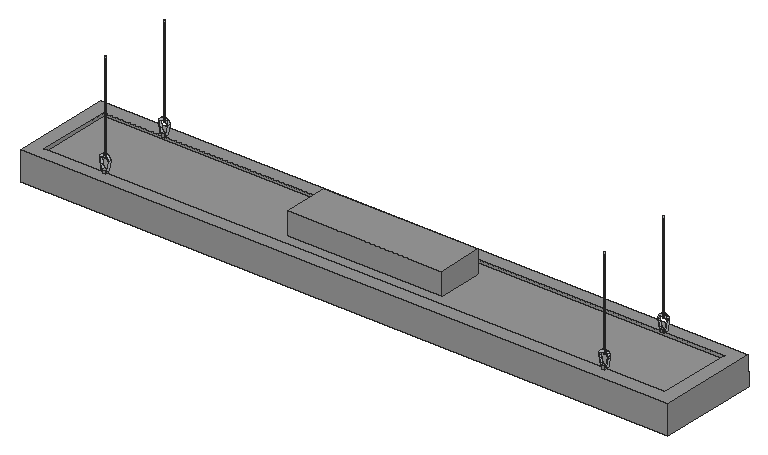
Revit family "HEFTY_4000K_12000LM_92W", category Lighting Fixtures, host Ceiling, Revit 2021
Family settings
  Host = Ceiling
  Round Connector Dimension = Use Diameter
  Part Type = Normal
  OmniClass Number = 23.80.70.11
  OmniClass Title = Luminaries for Internal Lighting
  Always vertical = Yes
  Cut with Voids When Loaded = No
  Light Source = Yes
  Shared = No
  Room Calculation Point = No
Parameters (values of type "Type 1")
  Wattage = 80.7853 W
  built-in parameter 1150110 = 1 (stored number, unit not read)
  Type de lampe = "LED Mid Power"
  Type = "Luminaire industriel"
  built-in parameter 1114217 = 1 (stored number, unit not read)
  Tilt Angle = 90.00°
  Tension = "AC 220-240V"
  built-in parameter 1150109 = 1 (stored number, unit not read)
  built-in parameter 1150134 = 12
  built-in parameter 1150113 = 1 (stored number, unit not read)
  SDCM = "<3"
  Puissance nominale = "92W"
  Poids = "6 kg"
  Photometric Web File = "google_eulumdat_converter (6).ies"
  Matériau = "Acier galvanisé blanc"
  Maintien du flux = "L80B10 (50 000 heures)"
  Lumens = 12000 lm
  built-in parameter 1150115 = 1 (stored number, unit not read)
  built-in parameter 1150105 = 954.93 (stored number, unit not read)
  built-in parameter 1150137 = (empty or 0)
  built-in parameter 1150139 = (empty or 0)
  built-in parameter 1150112 = 1 (stored number, unit not read)
  built-in parameter 1150114 = 1 (stored number, unit not read)
  built-in parameter 1150132 = 2
  built-in parameter 1150102 = (empty or 0)
  built-in parameter 1150138 = (empty or 0)
  built-in parameter 1150107 = 4000 (stored number, unit not read)
  built-in parameter 1150106 = 9.5493 (stored number, unit not read)
  IRC = ">80"
  Emit from Rectangle Width = 609.6 mm
  Emit from Rectangle Length = 1219.2 mm
  Emit Shape Visible in Rendering = no
  built-in parameter 1150104 = 13.8 (stored number, unit not read)
  Durée de vie = "50 000 heures"
  Driver = "Driver Osram"
  Dimming Lamp Color Temperature Shift = <None>
  Dimensions = "1220x190x90 mm"
  Diffuseur = "Polycarbonate Opale"
  Default Elevation = 0 mm
  Color Filter = 16777215
  built-in parameter 1114218 = 1 (stored number, unit not read)
  built-in parameter 1150133 = 10 (stored number, unit not read)
  Angle d'éclairage = "90°"
Reference planes
  plane 1 "Light Source Axis (F/B)": y = 0
  plane 2: z = 0
  plane 3 "Light Source Axis (L/R)": x = 0
  plane 4 "Ceiling": z = 4000
  plane 5 "Light Source Elevation": z = 3750
Forms (mm)
  Extrusion 1, solid, material "Steel, Galvanized"
    sketch origin (0, 0, 4000) x (0, 1, 0) y (-1, 0, 0)
      loop
        line (95, 610) -> (-95, 610) -> (-95, -610) -> (95, -610) -> (95, 610)
      loop
        line (70, 585) -> (-70, 585) -> (-70, -585) -> (70, -585) -> (70, 585)
    from -250 to -196.102
  Extrusion 2, solid, material "Steel, Galvanized"
    sketch origin (0, 0, 4000) x (0, 1, 0) y (-1, 0, 0)
      loop
        line (70, 585) -> (-70, 585) -> (-70, -585) -> (70, -585) -> (70, 585)
    from -201.474 to -207.22
  Extrusion 3, solid, material "Steel, Galvanized"
    sketch origin (0, 0, 4000) x (0, 1, 0) y (-1, 0, 0)
      loop
        line (43.191, 147.964) -> (-41.809, 147.964) -> (-41.809, -142.036) -> (43.191, -142.036) -> (43.191, 147.964)
    from -207.22 to -160
  Extrusion 4, solid, material "Steel, Galvanized"
    sketch origin (195.234, -0.407, 4000) x (0, -1, 0) y (1, 0, 0)
      loop
        line (71.862, 277.481) -> (66.862, 277.481) -> (66.862, 272.481) -> (71.862, 272.481) -> (71.862, 277.481)
    from -196.102 to -190.59
  Extrusion 5, solid
    sketch origin (195.234, -0.407, 0) x (-1, 0, 0) y (0, 0, -1)
      loop
        line (-273.652, -3806.915) -> (-276.521, -3806.915) -> (-281.412, -3807.954) -> (-284.54, -3827.708)
        arc (-284.54, -3827.708) -> (-274.506, -3835.045) -> (-266.484, -3825.549) r 9.115
        line (-266.484, -3825.549) -> (-270.251, -3807.826) -> (-273.652, -3806.915)
      loop
        line (-274.011, -3807.991) -> (-276.306, -3807.991) -> (-279.848, -3808.744) -> (-282.81, -3827.45)
        arc (-282.81, -3827.45) -> (-274.423, -3831.527) -> (-267.537, -3825.237) r 8.303
        line (-267.537, -3825.237) -> (-271.034, -3808.788) -> (-274.011, -3807.991)
    from 67.418 to 71.074
  Extrusion 6, solid, material "Glass, White, High Luminance"
    sketch origin (0, 0, 4000) x (0, 1, 0) y (-1, 0, 0)
      loop
        line (70, 585) -> (-70, 585) -> (-70, -585) -> (70, -585) -> (70, 585)
    from -250 to -245.079
  Extrusion 7, solid
    sketch origin (195.234, -0.407, 4000) x (0, -1, 0) y (1, 0, 0)
      loop
        circle (68.947, 275) r 1.348
    from -170.446 to 0
  Extrusion 8, solid, material "Steel, Galvanized"
    sketch origin (195.234, 0.407, 4000) x (0, -1, 0) y (1, 0, 0)
      loop
        line (-71.862, 277.481) -> (-71.862, 272.481) -> (-66.862, 272.481) -> (-66.862, 277.481) -> (-71.862, 277.481)
    from -196.102 to -190.59
  Extrusion 9, solid
    sketch origin (195.234, 0.407, 0) x (-1, 0, 0) y (0, 0, 1)
      loop
        line (-273.652, 3806.915) -> (-270.251, 3807.826) -> (-266.484, 3825.549)
        arc (-266.484, 3825.549) -> (-274.506, 3835.045) -> (-284.54, 3827.708) r 9.115
        line (-284.54, 3827.708) -> (-281.412, 3807.954) -> (-276.521, 3806.915) -> (-273.652, 3806.915)
      loop
        line (-274.011, 3807.991) -> (-271.034, 3808.788) -> (-267.537, 3825.237)
        arc (-267.537, 3825.237) -> (-274.423, 3831.527) -> (-282.81, 3827.45) r 8.303
        line (-282.81, 3827.45) -> (-279.848, 3808.744) -> (-276.306, 3807.991) -> (-274.011, 3807.991)
    from 67.418 to 71.074
  Extrusion 10, solid
    sketch origin (195.234, 0.407, 4000) x (0, -1, 0) y (1, 0, 0)
      loop
        circle (-68.947, 275) r 1.348
    from -170.446 to 0
  Extrusion 11, solid, material "Steel, Galvanized"
    sketch origin (-195.234, 0.407, 4000) x (0, 1, 0) y (-1, 0, 0)
      loop
        line (71.862, 277.481) -> (66.862, 277.481) -> (66.862, 272.481) -> (71.862, 272.481) -> (71.862, 277.481)
    from -196.102 to -190.59
  Extrusion 12, solid
    sketch origin (-195.234, 0.407, 0) x (1, 0, 0) y (0, 0, -1)
      loop
        line (-273.652, -3806.915) -> (-276.521, -3806.915) -> (-281.412, -3807.954) -> (-284.54, -3827.708)
        arc (-284.54, -3827.708) -> (-274.506, -3835.045) -> (-266.484, -3825.549) r 9.115
        line (-266.484, -3825.549) -> (-270.251, -3807.826) -> (-273.652, -3806.915)
      loop
        line (-274.011, -3807.991) -> (-276.306, -3807.991) -> (-279.848, -3808.744) -> (-282.81, -3827.45)
        arc (-282.81, -3827.45) -> (-274.423, -3831.527) -> (-267.537, -3825.237) r 8.303
        line (-267.537, -3825.237) -> (-271.034, -3808.788) -> (-274.011, -3807.991)
    from 67.418 to 71.074
  Extrusion 13, solid
    sketch origin (-195.234, 0.407, 4000) x (0, 1, 0) y (-1, 0, 0)
      loop
        circle (68.947, 275) r 1.348
    from -170.446 to 0
  Extrusion 14, solid, material "Steel, Galvanized"
    sketch origin (-195.234, -0.407, 4000) x (0, 1, 0) y (-1, 0, 0)
      loop
        line (-71.862, 277.481) -> (-71.862, 272.481) -> (-66.862, 272.481) -> (-66.862, 277.481) -> (-71.862, 277.481)
    from -196.102 to -190.59
  Extrusion 15, solid
    sketch origin (-195.234, -0.407, 0) x (1, 0, 0) y (0, 0, 1)
      loop
        line (-273.652, 3806.915) -> (-270.251, 3807.826) -> (-266.484, 3825.549)
        arc (-266.484, 3825.549) -> (-274.506, 3835.045) -> (-284.54, 3827.708) r 9.115
        line (-284.54, 3827.708) -> (-281.412, 3807.954) -> (-276.521, 3806.915) -> (-273.652, 3806.915)
      loop
        line (-274.011, 3807.991) -> (-271.034, 3808.788) -> (-267.537, 3825.237)
        arc (-267.537, 3825.237) -> (-274.423, 3831.527) -> (-282.81, 3827.45) r 8.303
        line (-282.81, 3827.45) -> (-279.848, 3808.744) -> (-276.306, 3807.991) -> (-274.011, 3807.991)
    from 67.418 to 71.074
  Extrusion 16, solid
    sketch origin (-195.234, -0.407, 4000) x (0, 1, 0) y (-1, 0, 0)
      loop
        circle (-68.947, 275) r 1.348
    from -170.446 to 0
Lines and regions (mm)
  reference lines
    curve 1: line (0, 0, 4000) -> (325, 0, 4000)
    curve 2: line (0, 0, 4000) -> (-325, 0, 4000)
    curve 3: line (-325, 0, 4000) -> (-325, 95, 4000)
    curve 4: line (-325, 95, 4000) -> (325, 95, 4000)
    curve 5: line (325, 95, 4000) -> (325, -95, 4000)
    curve 6: line (325, -95, 4000) -> (-325, -95, 4000)
    curve 7: line (-325, -95, 4000) -> (-325, 0, 4000)
    curve 8: line (0, 0, 4000) -> (225, 0, 4000)
    curve 9: line (225, 0, 4000) -> (225, -70, 4000)
    curve 10: line (225, -70, 4000) -> (-275, -70, 4000)
    curve 11: line (-275, 70, 4000) -> (225, 70, 4000)
    curve 12: line (-325, 0, 4000) -> (-300, 0, 4000)
    curve 13: line (-300, 0, 4000) -> (-300, 5, 4000)
    curve 14: line (325, 0, 4000) -> (300, 0, 4000)
    curve 15: line (0, 0, 3750) -> (0, 0, 3840)
    curve 16: line (0, 0, 4000) -> (610, 0, 4000)
    curve 17: line (610, 0, 4000) -> (610, 25, 4000)
    curve 18: line (0, 0, 4000) -> (-610, 0, 4000)
    curve 19: line (0, -70, 4000) -> (470, -70, 4000)
    curve 20: line (470, -70, 4000) -> (470, -55, 4000)
Dimensions and locks
  equal spacing: host sketch curve, plane 3 "Light Source Axis (L/R)", host sketch curve
  equal spacing: host sketch curve, plane 1 "Light Source Axis (F/B)", host sketch curve
  host sketch curve to host sketch curve = 4000 mm  (x2)
  plane 4 "Ceiling" to host ceiling = 0 mm
  aligned and locked: plane 3 "Light Source Axis (L/R)" to imposter light
  aligned and locked: plane 1 "Light Source Axis (F/B)" to imposter light
  aligned and locked: plane 5 "Light Source Elevation" to imposter light
